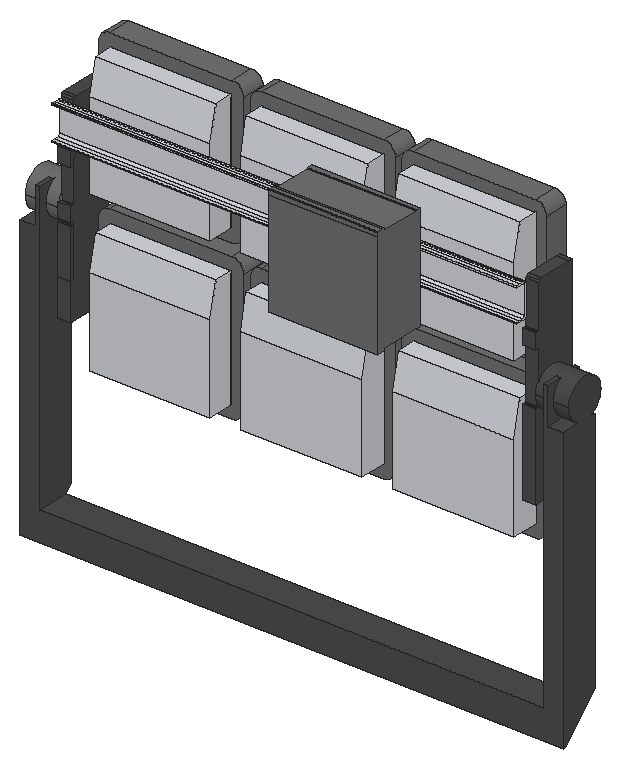
Revit family "Lighting-Proiezione-GEWISS-SMART[PRO]2.0-PROIETTORI-LED-ALTA-POTENZA_6MODULI_CLI", category Apparecchi per illuminazione, host Superficie, Revit 2019
Family settings
  Host = Superficie
  Quota connettore circolare = Usa diametro
  Tipo di parte = Normale
  Taglio con vuoti quando caricato = No
  Sorgente d'illuminazione = No
  Condiviso = No
  Punto di calcolo locali = No
Parameters (values of type "GWP2630AG840 - SMART PRO 3x2M C4 CRI80 4000K")
  Voltaggio = 230 V
  Viti esterne = "Acciaio inossidabile"
  Visibilità etichetta [instance] = yes
  Vetro acceso = Lampada accesa
  Versioni = "Luce naturale 4000K"
  Versione file RFA = "20.11"
  Vano di alimentazione = "Esterno"
  URL = "https://www.gewiss.com/it/it"
  Tolleranza cromatica = "SDCM = 3"
  Tipologia sorgente luminosa = "LED - Non sostituibile"
  Tipo di installazione e montaggio = "Torrefaro - Parete - Terra"
  Tipo di apparecchio = "Apparecchio per proiezione LED di media e alta potenza"
  Tensione di alimentazione = "-"
  Temperatura di stoccaggio = "-"
  Temperatura di esercizio = "-30 +50 °C"
  Temperatura di colore = "4000K"
  Superficie massima esposta al vento : = "0,333 m2"
  Struttura = GEWISS - NERO
  SostituibilitÃ  piastra di cablaggio = "Si"
  SostituibilitÃ  gruppo ottico = "Non disponibile"
  Sistema di controllo = "Secondo driver esterno"
  Schermo = "Vetro piano extrachiaro spessore 4mm"
  Scheda Tecnica = "https://www.gewiss.com/it/it/search?q=GWP2630AG840"
  SEO = "Proiettore"
  Resistenza al filo incandescente = "-"
  Resistenza agli urti = "IK08"
  Produttore = "GEWISS S.p.A."
  Potenza di sistema = "970W"
  Peso (kg): = "29"
  Ottica_ = GEWISS - OTTICA
  Ottica = "C4 - Circolare 15°"
  Norma di riferimento = "EN60598-1; EN60598-2-5; IEC 62778; IEC 62471; EN13201"
  N. poli = 2
  Modello = "GWP2630AG840"
  Materiali = "-"
  Lumen output (lm) = "114500"
  Lampada = "LED"
  Installazione e manutenzione = "-"
  Informazioni generali = "-"
  Indice di resa cromatica = "CRI-80"
  Inclinazione = "Rotazione su staffa con goniometro integrato"
  Immagine tipo = SMART PRO 6.jpg
  IPEA = "STRADALE = A // GRANDI AREE = A3+ // CICLOPEDONALI = A+ // AREE VERDI = A+ // CENTRO STORICO = A4+ // ALTRO = A4+"
  IFC.TypeObject = ""
  IFC.ExportType = ""
  IFC.ExportAs = ""
  IDT = "3f2d3c7146fd4f7e88ac85796f8f5998"
  IDF = "ca142cd2-51eb-418c-bf0d-97266ef6bece"
  Guarnizioni = "silicone antinvecchiamento"
  Gruppo ottico = "Riflettore in PC HT quarzato&nbsp; e metallizzato lucido"
  Grado di protezione = "IP66"
  Garanzia = "5 anni"
  Gancio di chiusura = "Viti metriche esagonali"
  Frequenza nominale (Hz) = "-"
  Fissaggio = "Staffa"
  Finitura colore = "Verniciato a polvere poliestere"
  Etichetta wattaggio = yes
  Trasformatore = GEWISS - PLAFONIERA
  Struttura plafoniera = GEWISS - PLAFONIERA
  Spessore staffa = 59 mm
  Default Elevation = 1219.2 mm  # constant formula
  Proiettsmart_simbolo [instance] = no
  Plafoniera_bidimensionale [instance] = not(Proiettsmart_simbolo)  # yes
  Efficienza luminosa (lm/W) = "118"
  Durata di vita = "L90B10 (Tq+25°C) = 36000h L90B10 (Tq+50°C) = 26000h L80B10 (Tq+25°C) = 81000h"
  Distanza_y [instance] = 200 mm
  Distanza_x [instance] = 0 mm
  Distanza_effettiva_y_etichetta [instance] = 1000 mm - Distanza_y  # 800 mm
  Distanza_effettiva_x_etichetta [instance] = 1000 mm - Distanza_x  # 1000 mm
  Dispositivo di protezione = "Secondo driver esterno"
  Descrizione = "SMART PRO 3x2M C4 CRI80 4000K"
  Creato da GEWISS S.p.A. = ""
  Corpo = "Alluminio pressofuso"
  Controllo abbagliamento e luminanza = "G*6 - ULOR = 0"
  Contesto = "Illuminazione di grandi aree, impianti sportivi"
  Commenti sul wattaggio = "1020W"
  Commenti Wattaggio 1_200 = not(Commenti Wattaggio 1_100)  # no
  Commenti Wattaggio 1_100 = yes
  Colore = "Grigio grafite"
  Codice digitale univoco (Datamatrix) = "Attualmente non presente"
  Classificazione: = "-"
  Classificazione = Lighting
  Larghezza = 503 mm
  L_plafoniera = 817 mm
  H_centro_STaffa = 459 mm
  Fine staffa = H_centro_STaffa + 25 mm  # 484 mm
  Classe isolamento = "I"
  Classe fotobiologica = "-"
  Certificazioni e classificazioni = "-"
  Certificazione DIN 18032-3 = "-"
  Catalogo = "LIGHTING"
  Carico apparente = 1020 VA
  Caratteristiche ottiche e illuminotecniche = "-"
  Caratteristiche elettriche e gestione della luce = "-"
  Cablaggio = "Connettore stagno"
  COBie.Tagnumber = ""
  COBie.CreatedOn = ""
  COBie.CreatebBy = ""
  COBie.ComponentRegisterItemID = ""
  COBie.Component.TagNumber = ""
  COBie.Component.Space = ""
  COBie.Component.SerialNumber = ""
  COBie.Component.InstallationDate = ""
  COBie.Component.Description = ""
  COBie.Component.BarCode = ""
  Applicazione = "Interno / Esterno"
  Apparecchio a ridotta temperatura superficiale = "No"
  Alimentatore = "Da ordinare separatamente"
Reference planes
  plane 1 "Centro (Fronte/Retro)": y = 0
  plane 2: z = 0
  plane 3 "Centro (Sinistra/Destra)": x = 0
  plane 4: z = 459
  plane 5: z = 484
  plane 6: y = 29.5
  plane 7: y = -29.5
  plane 8: x = 382
  plane 9: y = 251.5
  plane 10: y = -251.5
  plane 11: y = 244.5
  plane 12: x = -412
  plane 13: x = -382
  plane 14: x = 412
  plane 15: x = 382
  plane 16: z = 45
  plane 17: z = 428.975
  plane 18: x = -387.874
  plane 19: z = 309.079
  plane 20: z = 712.236
  plane 21: y = 49.924
  plane 22: y = -20.101
  plane 23: x = 342.659
  plane 24: x = 361.842
  plane 25: x = -342.659
  plane 26: x = -361.842
  plane 27: z = 365.525
  plane 28: x = 31.483
  plane 29: x = 196.416
  plane 30 "aa": z = 579.103
  plane 31: through (-552, -4572, 0) normal (-0.9455, 0, 0.3256)
  plane 32: through (-463.272, -4572, 772.236) normal (0.3907, 0, 0.9205)
  plane 33: through (278.314, -4572, -114.377) normal (-0.9455, 0, -0.3256)
  plane 34: x = -1000
  plane 35: y = -1029.5
  plane 36: x = 0
  plane 37: y = -229.5
Forms (mm)
  Extrusion 1, solid, material "GEWISS - NERO" <- "Struttura"
    sketch origin (0, 0, 0) x (1, 0, 0) y (0, 0, 1)
      loop
        line (-382, 45) -> (-382, 484) -> (-412, 484) -> (-412, 0) -> (412, 0) -> (412, 484) -> (382, 484) -> (382, 45) -> (-382, 45)
    from -29.5 to 29.5
  Extrusion 2, void
    sketch origin (0, 0, 0) x (1, 0, 0) y (0, 0, 1)
      loop
        line (-412, 428.975) -> (-387.874, 428.975) -> (-387.874, 484) -> (-412, 484) -> (-412, 428.975)
    from -29.5 to 29.5
  Extrusion 3, void
    sketch origin (0, 0, 0) x (-1, 0, 0) y (0, 0, -1)
      loop
        line (-412, -428.975) -> (-412, -484) -> (-387.874, -484) -> (-387.874, -428.975) -> (-412, -428.975)
    from -29.5 to 29.5
  Extrusion 4, void
    sketch origin (0, 0, 0) x (0, -1, 0) y (0, 0, -1)
      loop
        line (-29.5, -55.368) -> (26.874, 0) -> (-29.5, 0) -> (-29.5, -55.368)
    from -412 to 412
  Extrusion 5, solid, material "GEWISS - NERO" <- "Struttura"
    sketch origin (0, 0, 0) x (0, 1, 0) y (0, 0, 1)
      loop
        circle (10.781, 457.75) r 30
    from 361.842 to 412
  Extrusion 6, solid, material "GEWISS - NERO" <- "Struttura"
    sketch origin (0, 0, 0) x (0, 1, 0) y (0, 0, 1)
      loop
        line (-20.101, 309.504) -> (44.485, 309.504) -> (49.924, 309.504) -> (49.924, 519.155) -> (49.924, 612.236) -> (44.457, 612.236) -> (-9.215, 612.236) -> (-12.352, 610.662) -> (-13.897, 607.544) -> (-13.897, 542.201) -> (-15.419, 542.201) -> (-20.101, 542.201) -> (-20.101, 519.155) -> (-13.897, 519.155) -> (-13.897, 439.018) -> (-15.419, 439.018) -> (-20.101, 439.018) -> (-20.101, 309.504)
    from 342.659 to 361.842
  Extrusion 7, solid
    sketch origin (0, 0, 0) x (0, 1, 0) y (0, 0, 1)
      loop
        line (-19.603, 605.15) -> (-26.334, 605.15) -> (-31.777, 605.15) -> (-31.777, 602.82) -> (-26.334, 602.82) -> (-18.859, 602.82)
        arc (-18.859, 602.82) -> (-17.001, 602.051) -> (-16.231, 600.192) r 2.628
        line (-16.231, 600.192) -> (-16.231, 557.937)
        arc (-16.231, 557.937) -> (-17.218, 555.555) -> (-19.6, 554.568) r 3.368
        line (-19.6, 554.568) -> (-26.334, 554.568) -> (-31.777, 554.596) -> (-31.777, 553.023) -> (-26.334, 553.023) -> (-19.576, 553.023)
        arc (-19.576, 553.023) -> (-15.56, 554.686) -> (-13.897, 558.702) r 5.679
        line (-13.897, 558.702) -> (-13.897, 599.444)
        arc (-13.897, 599.444) -> (-15.568, 603.478) -> (-19.603, 605.15) r 5.706
    from -361.842 to 342.659
  Extrusion 8, solid, material "GEWISS - PLAFONIERA" <- "Struttura plafoniera"
    sketch origin (0, 0, 0) x (0, 1, 0) y (0, 0, -1)
      loop
        circle (10.781, -457.75) r 30
    from 361.842 to 412
  Extrusion 9, solid, material "GEWISS - NERO" <- "Struttura"
    sketch origin (0, 0, 0) x (0, 1, 0) y (0, 0, -1)
      loop
        line (-20.101, -309.504) -> (-20.101, -364.018) -> (-15.419, -364.018) -> (-13.897, -364.018) -> (-13.897, -444.155) -> (-20.101, -444.155) -> (-20.101, -467.201) -> (-15.419, -467.201) -> (-13.897, -467.201) -> (-13.897, -532.544) -> (-12.352, -535.662) -> (-9.215, -537.236) -> (44.457, -537.236) -> (49.924, -537.236) -> (49.924, -444.155) -> (49.924, -309.504) -> (44.485, -309.504) -> (-20.101, -309.504)
    from 342.659 to 361.842
  Extrusion 10, solid, not visible
    sketch origin (0, 0, -239.625) x (0, 1, 0) y (0, 0, 1)
      loop
        line (-19.603, 605.15) -> (-26.334, 605.15) -> (-31.777, 605.15) -> (-31.777, 602.82) -> (-26.334, 602.82) -> (-18.859, 602.82)
        arc (-18.859, 602.82) -> (-17.001, 602.051) -> (-16.231, 600.192) r 2.628
        line (-16.231, 600.192) -> (-16.231, 557.937)
        arc (-16.231, 557.937) -> (-17.218, 555.555) -> (-19.6, 554.568) r 3.368
        line (-19.6, 554.568) -> (-26.334, 554.568) -> (-31.777, 554.596) -> (-31.777, 553.023) -> (-26.334, 553.023) -> (-19.576, 553.023)
        arc (-19.576, 553.023) -> (-15.56, 554.686) -> (-13.897, 558.702) r 5.679
        line (-13.897, 558.702) -> (-13.897, 599.444)
        arc (-13.897, 599.444) -> (-15.568, 603.478) -> (-19.603, 605.15) r 5.706
    from -361.842 to 342.659
  Extrusion 11, solid, material "GEWISS - PLAFONIERA" <- "Trasformatore"
    sketch origin (0, 0, 0) x (0, 1, 0) y (0, 0, 1)
      loop
        line (-100.243, 661.174) -> (-100.243, 661.959) -> (-103.352, 661.959) -> (-110.368, 661.959) -> (-111.909, 661.174) -> (-111.909, 654.942) -> (-111.909, 495.458) -> (-100.243, 495.458) -> (-100.243, 497.003) -> (-99.477, 498.571) -> (-98.693, 499.332) -> (-38.765, 500.117) -> (-38.765, 498.571) -> (-31.777, 498.571) -> (-31.777, 551.454) -> (-32.561, 553.023) -> (-32.561, 605.934) -> (-31.777, 607.507) -> (-31.777, 659.634) -> (-38.765, 659.634) -> (-38.765, 658.056) -> (-98.693, 658.84) -> (-99.477, 659.634) -> (-100.243, 661.174)
    from 31.483 to 196.416
  Extrusion 12, solid, not visible
    sketch origin (0, 0, 0) x (0, 1, 0) y (0, 0, 1)
      loop
        line (-12.377, 860.2) -> (-12.377, 728.008) -> (28.098, 728.008) -> (28.098, 910.008) -> (-2.114, 910.008) -> (-12.377, 860.2)
    from -319.833 to -137.833
  Extrusion 13, solid
    sketch origin (0, 0, 0.351) x (0, 1, 0) y (0, 0, 1)
      loop
        line (-19.603, 605.15) -> (-26.334, 605.15) -> (-31.777, 605.15) -> (-31.777, 602.82) -> (-26.334, 602.82) -> (-18.859, 602.82)
        arc (-18.859, 602.82) -> (-17.001, 602.051) -> (-16.231, 600.192) r 2.628
        line (-16.231, 600.192) -> (-16.231, 557.937)
        arc (-16.231, 557.937) -> (-17.218, 555.555) -> (-19.6, 554.568) r 3.368
        line (-19.6, 554.568) -> (-26.334, 554.568) -> (-31.777, 554.596) -> (-31.777, 553.023) -> (-26.334, 553.023) -> (-19.576, 553.023)
        arc (-19.576, 553.023) -> (-15.56, 554.686) -> (-13.897, 558.702) r 5.679
        line (-13.897, 558.702) -> (-13.897, 599.444)
        arc (-13.897, 599.444) -> (-15.568, 603.478) -> (-19.603, 605.15) r 5.706
    from -361.842 to 342.659
  Extrusion 14, solid
    sketch origin (0, 0, -239.649) x (0, 1, 0) y (0, 0, 1)
      loop
        line (-12.377, 860.2) -> (-12.377, 728.008) -> (28.098, 728.008) -> (28.098, 910.008) -> (-2.114, 910.008) -> (-12.377, 860.2)
    from -319.833 to -137.833
  Extrusion 15, solid
    sketch origin (0, 0, -239.649) x (0, 1, 0) y (0, 0, 1)
      loop
        line (-12.377, 860.2) -> (-12.377, 728.008) -> (28.098, 728.008) -> (28.098, 910.008) -> (-2.114, 910.008) -> (-12.377, 860.2)
    from -319.833 to -137.833
  Extrusion 16, solid
    sketch origin (0, 0, -239.649) x (0, 1, 0) y (0, 0, 1)
      loop
        line (-12.377, 860.2) -> (-12.377, 728.008) -> (28.098, 728.008) -> (28.098, 910.008) -> (-2.114, 910.008) -> (-12.377, 860.2)
    from -91.406 to 92.998
  Extrusion 17, solid
    sketch origin (0, 0, -239.649) x (0, 1, 0) y (0, 0, 1)
      loop
        line (-12.377, 860.2) -> (-12.377, 728.008) -> (28.098, 728.008) -> (28.098, 911.885) -> (-1.728, 911.885) -> (-12.377, 860.2)
    from 139.682 to 323.278
  Extrusion 18, solid, not visible
    sketch origin (0, 0, 0) x (0, 1, 0) y (0, 0, 1)
      loop
        line (-12.377, 860.2) -> (-12.377, 728.008) -> (28.098, 728.008) -> (28.098, 910.008) -> (-2.114, 910.008) -> (-12.377, 860.2)
    from -319.833 to -137.833
  Extrusion 19, solid, not visible
    sketch origin (0, 0, 0) x (0, 1, 0) y (0, 0, 1)
      loop
        line (-12.377, 860.2) -> (-12.377, 728.008) -> (28.098, 728.008) -> (28.098, 910.008) -> (-2.114, 910.008) -> (-12.377, 860.2)
    from -319.833 to -137.833
  Extrusion 20, solid, not visible
    sketch origin (0, 0, 0) x (0, 1, 0) y (0, 0, 1)
      loop
        line (-12.377, 860.2) -> (-12.377, 728.008) -> (28.098, 728.008) -> (28.098, 910.008) -> (-2.114, 910.008) -> (-12.377, 860.2)
    from -91.406 to 92.998
  Extrusion 21, solid, not visible
    sketch origin (0, 0, 0) x (0, 1, 0) y (0, 0, 1)
      loop
        line (-12.377, 860.2) -> (-12.377, 728.008) -> (28.098, 728.008) -> (28.098, 911.885) -> (-1.728, 911.885) -> (-12.377, 860.2)
    from 139.682 to 323.278
  Extrusion 22, solid
    sketch origin (0, 0, -479.294) x (0, 1, 0) y (0, 0, 1)
      loop
        line (-12.377, 860.2) -> (-12.377, 728.008) -> (28.098, 728.008) -> (28.098, 910.008) -> (-2.114, 910.008) -> (-12.377, 860.2)
    from -319.833 to -137.833
  Extrusion 23, solid
    sketch origin (0, 0, -479.294) x (0, 1, 0) y (0, 0, 1)
      loop
        line (-12.377, 860.2) -> (-12.377, 728.008) -> (28.098, 728.008) -> (28.098, 910.008) -> (-2.114, 910.008) -> (-12.377, 860.2)
    from -319.833 to -137.833
  Extrusion 24, solid
    sketch origin (0, 0, -479.294) x (0, 1, 0) y (0, 0, 1)
      loop
        line (-12.377, 860.2) -> (-12.377, 728.008) -> (28.098, 728.008) -> (28.098, 910.008) -> (-2.114, 910.008) -> (-12.377, 860.2)
    from -91.406 to 92.998
  Extrusion 25, solid
    sketch origin (0, 0, -479.294) x (0, 1, 0) y (0, 0, 1)
      loop
        line (-12.377, 860.2) -> (-12.377, 728.008) -> (28.098, 728.008) -> (28.098, 911.885) -> (-1.728, 911.885) -> (-12.377, 860.2)
    from 139.682 to 323.278
  Extrusion 26, solid, material "GEWISS - NERO" <- "Struttura"
    sketch origin (0, 0, 0) x (0, 1, 0) y (0, 0, -1)
      loop
        line (-20.101, -309.504) -> (-20.101, -439.018) -> (-15.419, -439.018) -> (-13.897, -439.018) -> (-13.897, -519.155) -> (-20.101, -519.155) -> (-20.101, -542.201) -> (-15.419, -542.201) -> (-13.897, -542.201) -> (-13.897, -607.544) -> (-12.352, -610.662) -> (-9.215, -612.236) -> (44.457, -612.236) -> (49.924, -612.236) -> (49.924, -519.155) -> (49.924, -309.504) -> (44.485, -309.504) -> (-20.101, -309.504)
    from 342.659 to 361.842
Cuts and joins
  Extrusion 2, Extrusion 3, Extrusion 4 cuts Extrusion 1
  joined: Extrusion 1, Extrusion 5
Lines and regions (mm)
  Masking region 1, visible <- "Plafoniera_bidimensionale"
    outline origin (0, 0, 0) x (1, 0, 0) y (0, 1, 0)
      loop
        line (-413.833, -26.874) -> (412, -26.874) -> (412, 28.098) -> (342.659, 28.098) -> (342.659, 64.098) -> (120.996, 64.098) -> (120.996, 28.098) -> (111.466, 28.098) -> (111.466, 64.098) -> (-108.534, 64.098) -> (-108.534, 29.098) -> (-118.534, 29.098) -> (-118.534, 64.098) -> (-338.833, 64.098) -> (-338.833, 28.098) -> (-413.833, 28.098) -> (-413.833, -26.874)
  Masking region 2, visible <- "Proiettsmart_simbolo"
    outline origin (0, 0, 0) x (1, 0, 0) y (0, 0, 1)
      loop
        line (-174.151, 45) -> (-174.151, 0) -> (214.342, 0) -> (214.342, 45) -> (-174.151, 45)
  Masking region 3, visible <- "Proiettsmart_simbolo"
    outline origin (0, 0, 0) x (0, 1, 0) y (0, 0, 1)
      loop
        line (-175.348, 45) -> (-175.348, 0) -> (214.524, 0) -> (214.524, 45) -> (-175.348, 45)
Dimensions and locks
  "H_centro_STaffa": plane 4 to plane 2
  "Fine staffa": plane 5 to plane 2
  equal spacing: plane 6, plane 1 "Centro (Fronte/Retro)", plane 7
  "Spessore staffa": plane 6 to plane 7
  equal spacing: plane 9, plane 1 "Centro (Fronte/Retro)", plane 10
  "Larghezza": plane 9 to plane 10
  locked: plane 9 to plane 11 at 7
  locked: plane 13 to plane 12 at 30
  locked: plane 15 to plane 14 at 30
  locked: plane 16 to host face at 45
  locked: plane 12 to plane 18 at 24.126
  locked: plane 4 to plane 17 at 30.025
  host face to plane 19 = 309.079 mm
  locked: plane 21 to plane 6 at 20.424
  locked: plane 22 to plane 7 at 9.399
  locked: plane 24 to plane 15 at 20.158
  locked: plane 24 to plane 23 at 19.183
  locked: plane 26 to plane 25 at 19.183
  plane 4 to Extrusion 7 = 146.15 mm
  locked: Extrusion 9 to Extrusion 9 at 19.183
  plane 34 to plane 3 "Centro (Sinistra/Destra)" = 1000 mm
  "Distanza_effettiva_x_etichetta": plane 34 to plane 36
  plane 7 to plane 35 = 1000 mm
  "Distanza_effettiva_y_etichetta": plane 37 to plane 35
  angle plane 20 to plane 31 = 71.00°
  angle plane 33 to plane 31 = 142.00°
  angle plane 31 to plane 33 = 38.00°
  angle plane 16 to plane 28 = 90.00°
  angle plane 23 to plane 19 = 90.00°
  angle plane 33 to plane 32 = 48.00°
  angle plane 31 to plane 13 = 19.00°
  aligned and locked: plane 2 to host face
  aligned and locked: level to host face
  aligned and locked: plane 5 to Extrusion 1  (x2)
  aligned and locked: Extrusion 1 to plane 2
  aligned and locked: plane 6 to Extrusion 1
  aligned and locked: Extrusion 1 to plane 7
  aligned and locked: Extrusion 1 sketch curve to plane 13
  aligned and locked: Extrusion 1 sketch curve to plane 12
  aligned and locked: plane 14 to Extrusion 1 sketch curve
  aligned and locked: Extrusion 1 sketch curve to plane 15
  aligned and locked: plane 16 to Extrusion 1 sketch curve
  aligned and locked: Extrusion 2 sketch curve to plane 12
  aligned and locked: Extrusion 2 sketch curve to plane 5
  aligned and locked: Extrusion 2 sketch curve to plane 17
  aligned and locked: Extrusion 2 sketch curve to plane 18
  aligned and locked: Extrusion 1 to Extrusion 2
  aligned and locked: Extrusion 2 to Extrusion 1
  aligned and locked: Extrusion 3 to Extrusion 1
  aligned and locked: Extrusion 1 to Extrusion 3
  aligned and locked: Extrusion 5 to plane 14
  aligned and locked: Extrusion 6 to cut or joined group of Extrusion 1, Extrusion 2, Extrusion 3, Extrusion 4, Extrusion 5
  aligned and locked: cut or joined group of Extrusion 1, Extrusion 2, Extrusion 3, Extrusion 4, Extrusion 5 to plane 24
  aligned and locked: plane 24 to Extrusion 6
  aligned and locked: Extrusion 7 to Extrusion 6
  aligned and locked: Extrusion 8 to plane 26
  aligned and locked: plane 26 to Extrusion 9
  aligned and locked: Extrusion 9 to plane 25
  aligned and locked: plane 23 to Extrusion 7
  aligned and locked: plane 28 to Extrusion 11
  aligned and locked: Extrusion 11 to plane 29
  aligned and locked: nested 3 to Extrusion 14
  aligned and locked: nested 9 to Extrusion 22
  aligned and locked: plane 36 to nested 1
  aligned and locked: nested 1 to plane 37
  aligned and locked: plane 36 to nested 12
  aligned and locked: nested 12 to level
  aligned and locked: nested 13 to plane 28
  aligned and locked: nested 13 to plane 7
  aligned and locked: plane 36 to nested 14
  aligned and locked: plane 19 to nested 14
  aligned and locked: plane 16 to Masking region 2 sketch curve
  aligned and locked: level to Masking region 2 sketch curve
  aligned and locked: nested 15 to Extrusion 11
  aligned and locked: host face to nested 15
  aligned and locked: nested 16 to plane 1 "Centro (Fronte/Retro)"
  aligned and locked: plane 19 to nested 16
  aligned and locked: plane 16 to Masking region 3 sketch curve
  aligned and locked: level to Masking region 3 sketch curve
Automatic sketch dimensions
  Extrusion 10 sketch curve to Extrusion 10 sketch curve = 0 mm  (x3)
  Extrusion 10 sketch curve to Extrusion 10 sketch curve = 2.628 mm
  Extrusion 10 sketch curve to Extrusion 10 sketch curve = 2.334 mm
  Extrusion 10 sketch curve to Extrusion 10 sketch curve = 40.742 mm
  Extrusion 10 sketch curve to Extrusion 10 sketch curve = 0.749 mm
  Extrusion 10 sketch curve to Extrusion 10 sketch curve = 5.443 mm  (x2)
  Extrusion 10 sketch curve to Extrusion 10 sketch curve = 6.73 mm
  Extrusion 10 sketch curve to Extrusion 10 sketch curve = 6.734 mm
  Extrusion 10 sketch curve to Extrusion 10 sketch curve = 0.024 mm
  Extrusion 10 sketch curve to Extrusion 10 sketch curve = 0.744 mm
  Extrusion 10 sketch curve to Extrusion 10 sketch curve = 1.545 mm
  Extrusion 10 sketch curve to Extrusion 10 sketch curve = 1.573 mm
  Extrusion 12 sketch curve to Extrusion 12 sketch curve = 10.262 mm
  Extrusion 12 sketch curve to Extrusion 12 sketch curve = 40.475 mm
  Extrusion 12 sketch curve to Extrusion 12 sketch curve = 132.192 mm
  Extrusion 12 sketch curve to Extrusion 12 sketch curve = 49.808 mm
  Extrusion 18 sketch curve to Extrusion 18 sketch curve = 49.808 mm
  Extrusion 19 sketch curve to Extrusion 19 sketch curve = 49.808 mm
  Extrusion 20 sketch curve to Extrusion 20 sketch curve = 49.808 mm
  Extrusion 21 sketch curve to Extrusion 21 sketch curve = 51.684 mm
  Extrusion 18 sketch curve to Extrusion 18 sketch curve = 10.262 mm
  Extrusion 18 sketch curve to Extrusion 18 sketch curve = 40.475 mm
  Extrusion 18 sketch curve to Extrusion 18 sketch curve = 132.192 mm
  Extrusion 19 sketch curve to Extrusion 19 sketch curve = 10.262 mm
  Extrusion 19 sketch curve to Extrusion 19 sketch curve = 40.475 mm
  Extrusion 19 sketch curve to Extrusion 19 sketch curve = 132.192 mm
  Extrusion 20 sketch curve to Extrusion 20 sketch curve = 10.262 mm
  Extrusion 20 sketch curve to Extrusion 20 sketch curve = 40.475 mm
  Extrusion 20 sketch curve to Extrusion 20 sketch curve = 132.192 mm
  Extrusion 21 sketch curve to Extrusion 21 sketch curve = 10.649 mm
  Extrusion 21 sketch curve to Extrusion 21 sketch curve = 40.475 mm
  Extrusion 21 sketch curve to Extrusion 21 sketch curve = 132.192 mm
  Extrusion 22 sketch curve to Extrusion 22 sketch curve = 49.808 mm
  Extrusion 23 sketch curve to Extrusion 23 sketch curve = 49.808 mm
  Extrusion 24 sketch curve to Extrusion 24 sketch curve = 49.808 mm
  Extrusion 25 sketch curve to Extrusion 25 sketch curve = 51.684 mm
  Extrusion 22 sketch curve to Extrusion 22 sketch curve = 10.262 mm
  Extrusion 22 sketch curve to Extrusion 22 sketch curve = 40.475 mm
  Extrusion 22 sketch curve to Extrusion 22 sketch curve = 132.192 mm
  Extrusion 23 sketch curve to Extrusion 23 sketch curve = 10.262 mm
  Extrusion 23 sketch curve to Extrusion 23 sketch curve = 40.475 mm
  Extrusion 23 sketch curve to Extrusion 23 sketch curve = 132.192 mm
  Extrusion 24 sketch curve to Extrusion 24 sketch curve = 10.262 mm
  Extrusion 24 sketch curve to Extrusion 24 sketch curve = 40.475 mm
  Extrusion 24 sketch curve to Extrusion 24 sketch curve = 132.192 mm
  Extrusion 25 sketch curve to Extrusion 25 sketch curve = 10.649 mm
  Extrusion 25 sketch curve to Extrusion 25 sketch curve = 40.475 mm
  Extrusion 25 sketch curve to Extrusion 25 sketch curve = 132.192 mm
  host sketch curve to host sketch curve = 2438.4 mm  (x2)
  Extrusion 1 sketch curve to level = 0 mm
  Extrusion 1 sketch curve to plane 5 = 0 mm  (x2)
  Extrusion 3 sketch curve to plane 5 = 0 mm
  plane 14 to Extrusion 3 sketch curve = 0 mm
  Extrusion 3 sketch curve to plane 17 = 0 mm
  Extrusion 3 sketch curve to plane 8 = 5.874 mm
  Extrusion 4 sketch curve to level = 0 mm
  Extrusion 4 sketch curve to plane 6 = 0 mm
  Extrusion 4 sketch curve to plane 7 = 2.626 mm
  plane 16 to Extrusion 4 sketch curve = 10.368 mm
  Extrusion 5 sketch curve to plane 4 = 1.25 mm
  Extrusion 5 sketch curve to plane 1 "Centro (Fronte/Retro)" = 10.781 mm
  Extrusion 6 sketch curve to plane 22 = 0 mm  (x2)
  Extrusion 6 sketch curve to plane 21 = 0 mm
  Extrusion 6 sketch curve to plane 22 = 4.682 mm
  Extrusion 6 sketch curve to Extrusion 6 sketch curve = 4.682 mm
  Extrusion 6 sketch curve to Extrusion 6 sketch curve = 1.522 mm  (x2)
  Extrusion 6 sketch curve to Extrusion 6 sketch curve = 1.545 mm
  Extrusion 6 sketch curve to Extrusion 6 sketch curve = 3.137 mm
  plane 21 to Extrusion 6 sketch curve = 5.467 mm
  Extrusion 6 sketch curve to plane 19 = 0.424 mm
  plane 21 to Extrusion 6 sketch curve = 5.439 mm
  Extrusion 6 sketch curve to plane 17 = 10.043 mm
  plane 5 to Extrusion 6 sketch curve = 35.155 mm  (x2)
  Extrusion 6 sketch curve to Extrusion 6 sketch curve = 23.046 mm
  Extrusion 6 sketch curve to plane 30 "aa" = 28.441 mm
  Extrusion 6 sketch curve to Extrusion 6 sketch curve = 3.118 mm
  Extrusion 6 sketch curve to plane 30 "aa" = 33.133 mm
  Extrusion 7 sketch curve to plane 7 = 2.277 mm  (x2)
  plane 7 to Extrusion 7 sketch curve = 3.166 mm  (x2)
  Extrusion 7 sketch curve to Extrusion 7 sketch curve = 0 mm  (x2)
  Extrusion 7 sketch curve to plane 22 = 0.498 mm
  Extrusion 7 sketch curve to plane 22 = 0.502 mm
  Extrusion 7 sketch curve to plane 22 = 0.526 mm
  Extrusion 7 sketch curve to plane 22 = 1.242 mm
  Extrusion 7 sketch curve to Extrusion 7 sketch curve = 2.628 mm
  Extrusion 7 sketch curve to Extrusion 7 sketch curve = 2.334 mm
  plane 30 "aa" to Extrusion 7 sketch curve = 26.08 mm
  Extrusion 7 sketch curve to Extrusion 7 sketch curve = 1.545 mm
  Extrusion 7 sketch curve to Extrusion 7 sketch curve = 1.573 mm
  Extrusion 7 sketch curve to plane 30 "aa" = 20.341 mm
  Extrusion 7 sketch curve to Extrusion 7 sketch curve = 0.749 mm
  Extrusion 8 sketch curve to plane 4 = 1.25 mm
  Extrusion 8 sketch curve to plane 1 "Centro (Fronte/Retro)" = 10.781 mm
  Extrusion 9 sketch curve to plane 22 = 0 mm  (x2)
  Extrusion 9 sketch curve to plane 21 = 0 mm
  Extrusion 9 sketch curve to plane 22 = 4.682 mm
  Extrusion 9 sketch curve to plane 27 = 1.507 mm
  Extrusion 9 sketch curve to Extrusion 9 sketch curve = 4.682 mm
  Extrusion 9 sketch curve to Extrusion 9 sketch curve = 1.522 mm  (x2)
  Extrusion 9 sketch curve to Extrusion 9 sketch curve = 1.545 mm
  Extrusion 9 sketch curve to Extrusion 9 sketch curve = 3.137 mm
  plane 21 to Extrusion 9 sketch curve = 5.467 mm
  Extrusion 9 sketch curve to plane 19 = 0.424 mm
  plane 21 to Extrusion 9 sketch curve = 5.439 mm
  Extrusion 9 sketch curve to plane 4 = 14.845 mm  (x2)
  plane 4 to Extrusion 9 sketch curve = 8.201 mm
  plane 30 "aa" to Extrusion 9 sketch curve = 46.559 mm
  Extrusion 9 sketch curve to Extrusion 9 sketch curve = 3.118 mm
  Extrusion 9 sketch curve to Extrusion 9 sketch curve = 1.573 mm
  plane 5 to Extrusion 11 sketch curve = 11.458 mm
  Extrusion 11 sketch curve to plane 7 = 82.409 mm
  Extrusion 11 sketch curve to Extrusion 11 sketch curve = 1.541 mm  (x2)
  Extrusion 11 sketch curve to Extrusion 11 sketch curve = 7.017 mm
  Extrusion 11 sketch curve to Extrusion 11 sketch curve = 3.109 mm
  Extrusion 11 sketch curve to Extrusion 11 sketch curve = 11.666 mm
  Extrusion 11 sketch curve to Extrusion 11 sketch curve = 0.766 mm  (x2)
  plane 5 to Extrusion 11 sketch curve = 14.571 mm  (x2)
  plane 5 to Extrusion 11 sketch curve = 15.332 mm
  Extrusion 11 sketch curve to Extrusion 11 sketch curve = 0.784 mm  (x4)
  Extrusion 11 sketch curve to plane 7 = 9.265 mm  (x2)
  Extrusion 11 sketch curve to plane 7 = 3.061 mm
  Extrusion 11 sketch curve to plane 7 = 2.277 mm
  Extrusion 11 sketch curve to Extrusion 11 sketch curve = 1.545 mm  (x2)
  plane 30 "aa" to Extrusion 11 sketch curve = 27.648 mm
  Extrusion 11 sketch curve to Extrusion 11 sketch curve = 1.569 mm
  Extrusion 11 sketch curve to plane 30 "aa" = 26.831 mm
  Extrusion 11 sketch curve to Extrusion 11 sketch curve = 1.573 mm
  Extrusion 11 sketch curve to plane 20 = 57.293 mm
  Extrusion 11 sketch curve to Extrusion 11 sketch curve = 50.549 mm
  Extrusion 11 sketch curve to Extrusion 11 sketch curve = 3.898 mm
  Extrusion 11 sketch curve to Extrusion 11 sketch curve = 1.578 mm
  Extrusion 11 sketch curve to Extrusion 11 sketch curve = 0.794 mm
  Extrusion 11 sketch curve to Extrusion 11 sketch curve = 6.232 mm
  Extrusion 13 sketch curve to plane 7 = 2.277 mm  (x2)
  plane 7 to Extrusion 13 sketch curve = 3.166 mm  (x2)
  Extrusion 13 sketch curve to Extrusion 13 sketch curve = 0 mm  (x2)
  Extrusion 13 sketch curve to plane 22 = 0.498 mm
  Extrusion 13 sketch curve to plane 22 = 0.502 mm
  Extrusion 13 sketch curve to plane 22 = 0.526 mm
  Extrusion 13 sketch curve to plane 22 = 1.242 mm
  Extrusion 13 sketch curve to Extrusion 13 sketch curve = 2.628 mm
  Extrusion 13 sketch curve to Extrusion 13 sketch curve = 2.334 mm
  plane 30 "aa" to Extrusion 13 sketch curve = 25.729 mm
  Extrusion 13 sketch curve to Extrusion 13 sketch curve = 1.545 mm
  Extrusion 13 sketch curve to Extrusion 13 sketch curve = 1.573 mm
  Extrusion 13 sketch curve to plane 30 "aa" = 20.692 mm
  Extrusion 13 sketch curve to Extrusion 13 sketch curve = 0.749 mm
  Extrusion 14 sketch curve to plane 22 = 7.725 mm
  plane 1 "Centro (Fronte/Retro)" to Extrusion 14 sketch curve = 2.114 mm
  Extrusion 14 sketch curve to plane 6 = 1.402 mm
  plane 5 to Extrusion 14 sketch curve = 4.359 mm
  Extrusion 14 sketch curve to plane 30 "aa" = 41.449 mm
  Extrusion 14 sketch curve to plane 20 = 41.877 mm
  Extrusion 15 sketch curve to plane 22 = 7.725 mm
  plane 1 "Centro (Fronte/Retro)" to Extrusion 15 sketch curve = 2.114 mm
  Extrusion 15 sketch curve to plane 6 = 1.402 mm
  plane 5 to Extrusion 15 sketch curve = 4.359 mm
  Extrusion 15 sketch curve to plane 30 "aa" = 41.449 mm
  Extrusion 15 sketch curve to plane 20 = 41.877 mm
  Extrusion 16 sketch curve to plane 22 = 7.725 mm
  plane 1 "Centro (Fronte/Retro)" to Extrusion 16 sketch curve = 2.114 mm
  Extrusion 16 sketch curve to plane 6 = 1.402 mm
  plane 5 to Extrusion 16 sketch curve = 4.359 mm
  Extrusion 16 sketch curve to plane 30 "aa" = 41.449 mm
  Extrusion 16 sketch curve to plane 20 = 41.877 mm
  Extrusion 17 sketch curve to plane 22 = 7.725 mm
  plane 1 "Centro (Fronte/Retro)" to Extrusion 17 sketch curve = 1.728 mm
  Extrusion 17 sketch curve to plane 6 = 1.402 mm
  plane 5 to Extrusion 17 sketch curve = 4.359 mm
  Extrusion 17 sketch curve to plane 30 "aa" = 41.449 mm
  Extrusion 17 sketch curve to plane 20 = 40 mm
  Extrusion 26 sketch curve to plane 22 = 0 mm  (x2)
  Extrusion 26 sketch curve to plane 21 = 0 mm
  Extrusion 26 sketch curve to plane 22 = 4.682 mm
  Extrusion 26 sketch curve to Extrusion 26 sketch curve = 4.682 mm
  Extrusion 26 sketch curve to Extrusion 26 sketch curve = 1.522 mm  (x2)
  Extrusion 26 sketch curve to Extrusion 26 sketch curve = 1.545 mm
  Extrusion 26 sketch curve to Extrusion 26 sketch curve = 3.137 mm
  plane 21 to Extrusion 26 sketch curve = 5.467 mm
  Extrusion 26 sketch curve to plane 19 = 0.424 mm
  plane 21 to Extrusion 26 sketch curve = 5.439 mm
  Extrusion 26 sketch curve to plane 17 = 10.043 mm
  plane 5 to Extrusion 26 sketch curve = 35.155 mm  (x2)
  Extrusion 26 sketch curve to Extrusion 26 sketch curve = 23.046 mm
  Extrusion 26 sketch curve to plane 30 "aa" = 28.441 mm
  Extrusion 26 sketch curve to Extrusion 26 sketch curve = 3.118 mm
  Extrusion 26 sketch curve to Extrusion 26 sketch curve = 1.573 mm
  Masking region 1 sketch curve to plane 23 = 0 mm
  Masking region 1 sketch curve to plane 14 = 0 mm
  Masking region 1 sketch curve to plane 6 = 1.402 mm  (x3)
  plane 29 to Masking region 1 sketch curve = 75.419 mm
  Masking region 1 sketch curve to Masking region 1 sketch curve = 9.53 mm
  Masking region 1 sketch curve to plane 6 = 0.402 mm
  Masking region 1 sketch curve to plane 3 "Centro (Sinistra/Destra)" = 108.534 mm
  Masking region 1 sketch curve to Masking region 1 sketch curve = 10 mm
  Masking region 1 sketch curve to plane 25 = 3.826 mm
  plane 12 to Masking region 1 sketch curve = 1.833 mm
  plane 7 to Masking region 1 sketch curve = 2.626 mm
  Masking region 1 sketch curve to plane 21 = 14.174 mm
  Masking region 1 sketch curve to Masking region 1 sketch curve = 0 mm  (x2)
  Masking region 2 sketch curve to plane 25 = 168.508 mm
  Masking region 2 sketch curve to plane 29 = 17.926 mm
  plane 37 to Masking region 3 sketch curve = 54.152 mm
  Masking region 3 sketch curve to plane 11 = 29.976 mm
  radius of Extrusion 5 sketch curve = 30 mm
  radius of Extrusion 8 sketch curve = 30 mm
Nested families
  nested 1: "ETICHETTA WATTAGGIO" at (0, -229.5, 0), visible <- "Visibilità etichetta", COMMENTI <- "Commenti sul wattaggio", type "ETICHETTA WATTAGGIO"
    with COMMENTI "1020W"
  nested 2: "Faro per smart pro" at (-228.833, 64.098, 819.008) x (0, 0, 1) z (0, 1, 0), type "4L", not visible
  nested 3: "Faro per smart pro" at (-228.833, 64.098, 579.359) x (0, 0, 1) z (0, 1, 0), type "4L"
  nested 4: "Faro per smart pro" at (1.466, 64.098, 579.359) x (0, 0, 1) z (0, 1, 0), type "4L"
  nested 5: "Faro per smart pro" at (230.996, 64.098, 579.359) x (0, 0, 1) z (0, 1, 0), type "4L"
  nested 6: "Faro per smart pro" at (-228.833, 64.098, 819.008) x (0, 0, 1) z (0, 1, 0), type "4L", not visible
  nested 7: "Faro per smart pro" at (1.466, 64.098, 819.008) x (0, 0, 1) z (0, 1, 0), type "4L", not visible
  nested 8: "Faro per smart pro" at (230.996, 64.098, 819.008) x (0, 0, 1) z (0, 1, 0), type "4L", not visible
  nested 9: "Faro per smart pro" at (-228.833, 64.098, 339.714) x (0, 0, 1) z (0, 1, 0), type "4L"
  nested 10: "Faro per smart pro" at (1.466, 64.098, 339.714) x (0, 0, 1) z (0, 1, 0), type "4L"
  nested 11: "Faro per smart pro" at (230.996, 64.098, 339.714) x (0, 0, 1) z (0, 1, 0), type "4L"
  nested 12: "Frontale6 2D" at (0, 0, 0) x (1, 0, 0) z (0, -1, 0), visible <- "Plafoniera_bidimensionale", type "Frontale6 2D"
  nested 13: "SIMBOLO SMART[PRO]6" at (31.483, -29.5, 0), visible <- "Proiettsmart_simbolo", type "SIMBOLO SMART[PRO]6"
  nested 14: "SIMBOLO SMART[PRO]6" at (0, 0, 59.171) x (1, 0, 0) z (0, -1, 0), visible <- "Proiettsmart_simbolo", type "SIMBOLO SMART[PRO]6"
  nested 15: "Laterale6 2D" at (0, 9.561, 0) x (0, -1, 0) z (1, 0, 0), visible <- "Plafoniera_bidimensionale", type "Laterale6 2D"
  nested 16: "SIMBOLO SMART[PRO]6" at (0, 0, 59.171) x (0, 1, 0) z (1, 0, 0), visible <- "Proiettsmart_simbolo", type "SIMBOLO SMART[PRO]6"
Connectors
  electrical at (113.949, -111.909, 575.2), driven by "N. poli", driven by "Voltaggio", driven by "Carico apparente"
    settings: on Extrusion 11, index 1, voltage 230 V, apparent load 0 VA, apparent load phase1 1020 VA, apparent load phase2 0 VA, apparent load phase3 0 VA, power factor 1, load classification "Lighting", number of poles 2, system type 31, power factor state 1, is connector primary yes, connector utility no, sub classification motor no, connector description ""
Definition of nested family "Faro per smart pro"
  Parameters (values of type "4L")
    vETRINO = none
    ottica = none
    Spessore_mascherina = 36 mm
    Default Elevation = 1219.2 mm
    N.intarsi = (Lunghezza_mascherina - (Bordo * 2)) / 15 mm  # 12
    N._intarsi verticale = (Larghezza_mascherina - (Bordo * 2)) / 17 mm  # 11
    Mascherina = none
    Lunghezza_mascherina = 220 mm
    Larghezza_mascherina = 220 mm
    Distanza_intarsi v. = 25 mm  # constant formula
    Distanza_intarsi = 25 mm  # constant formula
    Bordo = 19 mm
  Types (2, lengths in mm): name | Spessore_mascherina | N._intarsi verticale | Lunghezza_mascherina | Larghezza_mascherina | Bordo
    Maschera_smart  2L | 10 | 5 | 243 | 149 | 29
    4L | 36 | 11 | 220 | 220 | 19
  Reference planes
    plane 1 "Centro (Fronte/Retro)": y = 0
    plane 2: z = 0
    plane 3 "Centro (Sinistra/Destra)": x = 0
    plane 4: x = -110
    plane 5 "Dietro": y = 110
    plane 6: x = 110
    plane 7: y = -110
    plane 8: x = -91
    plane 9: y = -91
    plane 10: x = 91
    plane 11: y = 91
    plane 12: x = -85
    plane 13: y = 94.742
    plane 14: y = -95
    plane 15: z = -36
    plane 16: x = -95
    plane 17: y = 85
    plane 18: y = -85
    plane 19: x = 95
    plane 20: z = -4.799
    plane 21: y = 86
    plane 22: x = -86
    plane 23: x = 86
    plane 24: x = -32.9
    plane 25: x = -27.9
    plane 26: x = 27.7
    plane 27: x = 32.7
    plane 28: y = 32.9
    plane 29: y = 27.9
    plane 30: y = -27.7
    plane 31: y = -32.7
    plane 32: y = 71
    plane 33: x = -71
    plane 34: x = -47.9
    plane 35: y = 47.9
    plane 36: x = -12.9
    plane 37: x = 12.7
    plane 38: x = 47.7
    plane 39: x = 71
    plane 40: z = -19.107
    plane 41: y = 10.4
    plane 42: y = -12.7
    plane 43: y = -86
    plane 44: y = -71
    plane 45: y = -47.7
  Forms (mm)
    Extrusion 1, solid, material <- "Mascherina"
      sketch origin (0, 0, 0) x (1, 0, 0) y (0, 1, 0)
        loop
          arc (-92.5, 110) -> (-104.874, 104.874) -> (-110, 92.5) r 17.5
          line (-110, 92.5) -> (-110, -92.5)
          arc (-110, -92.5) -> (-104.874, -104.874) -> (-92.5, -110) r 17.5
          line (-92.5, -110) -> (92.5, -110)
          arc (92.5, -110) -> (104.874, -104.874) -> (110, -92.5) r 17.5
          line (110, -92.5) -> (110, 92.5)
          arc (110, 92.5) -> (104.874, 104.874) -> (92.5, 110) r 17.5
          line (92.5, 110) -> (-92.5, 110)
        loop
          line (-91, 91) -> (-91, -91) -> (91, -91) -> (91, 91) -> (-91, 91)
      from -36 to 0
    Extrusion 2, solid, material <- "ottica"
      sketch origin (0, 0, 0) x (1, 0, 0) y (0, 1, 0)
        loop
          line (-91, 91) -> (-91, -91) -> (91, -91) -> (91, 91) -> (-91, 91)
      from -36 to 0
  Lines and regions (mm)
    model lines
      curve 1: line (-86, 86, 0) -> (-32.9, 86, 0)
      curve 2: line (-32.9, 86, 0) -> (-32.9, 32.9, 0)
      curve 3: line (-32.9, 32.9, 0) -> (-86, 32.9, 0)
      curve 4: line (-86, 32.9, 0) -> (-86, 86, 0)
      curve 5: line (32.7, 86, 0) -> (85.8, 86, 0)
      curve 6: line (85.8, 86, 0) -> (85.8, 32.9, 0)
      curve 7: line (85.8, 32.9, 0) -> (32.7, 32.9, 0)
      curve 8: line (32.7, 32.9, 0) -> (32.7, 86, 0)
      curve 9: line (-27.9, 86, 0) -> (25.2, 86, 0)
      curve 10: line (25.2, 86, 0) -> (25.2, 32.9, 0)
      curve 11: line (25.2, 32.9, 0) -> (-27.9, 32.9, 0)
      curve 12: line (-27.9, 32.9, 0) -> (-27.9, 86, 0)
      curve 13: line (-86, 26.65, 0) -> (-32.9, 26.65, 0)
      curve 14: line (-32.9, 26.65, 0) -> (-32.9, -26.45, 0)
      curve 15: line (-32.9, -26.45, 0) -> (-86, -26.45, 0)
      curve 16: line (-86, -26.45, 0) -> (-86, 26.65, 0)
      curve 17: line (32.7, 26.65, 0) -> (85.8, 26.65, 0)
      curve 18: line (85.8, 26.65, 0) -> (85.8, -26.45, 0)
      curve 19: line (85.8, -26.45, 0) -> (32.7, -26.45, 0)
      curve 20: line (32.7, -26.45, 0) -> (32.7, 26.65, 0)
      curve 21: line (-27.9, 26.65, 0) -> (25.2, 26.65, 0)
      curve 22: line (25.2, 26.65, 0) -> (25.2, -26.45, 0)
      curve 23: line (25.2, -26.45, 0) -> (-27.9, -26.45, 0)
      curve 24: line (-27.9, -26.45, 0) -> (-27.9, 26.65, 0)
      curve 25: line (-86, -32.9, 0) -> (-32.9, -32.9, 0)
      curve 26: line (-32.9, -32.9, 0) -> (-32.9, -86, 0)
      curve 27: line (-32.9, -86, 0) -> (-86, -86, 0)
      curve 28: line (-86, -86, 0) -> (-86, -32.9, 0)
      curve 29: line (32.7, -32.9, 0) -> (85.8, -32.9, 0)
      curve 30: line (85.8, -32.9, 0) -> (85.8, -86, 0)
      curve 31: line (85.8, -86, 0) -> (32.7, -86, 0)
      curve 32: line (32.7, -86, 0) -> (32.7, -32.9, 0)
      curve 33: line (-27.9, -32.9, 0) -> (25.2, -32.9, 0)
      curve 34: line (25.2, -32.9, 0) -> (25.2, -86, 0)
      curve 35: line (25.2, -86, 0) -> (-27.9, -86, 0)
      curve 36: line (-27.9, -86, 0) -> (-27.9, -32.9, 0)
  Dimensions and locks
    equal spacing: plane 4, plane 3 "Centro (Sinistra/Destra)", plane 6
    "Lunghezza_mascherina": plane 4 to plane 6
    equal spacing: plane 5 "Dietro", plane 1 "Centro (Fronte/Retro)", plane 7
    "Larghezza_mascherina": plane 5 "Dietro" to plane 7
    "Bordo": plane 4 to plane 8
    "Bordo": plane 9 to plane 7
    "Bordo": plane 5 "Dietro" to plane 11
    "Bordo": plane 10 to plane 6
    "Distanza_intarsi": plane 4 to plane 12
    locked: plane 13 to plane 11 at 3.742
    "Spessore_mascherina": plane 2 to plane 15
    "Distanza_intarsi v.": plane 5 "Dietro" to plane 17
    "Distanza_intarsi v.": plane 18 to plane 7
    locked: plane 9 to plane 14 at 4
    locked: plane 16 to plane 8 at 4
    locked: plane 10 to plane 19 at 4
    locked: plane 2 to plane 20 at 4.799
    locked: plane 2 to plane 40 at 19.107
    locked: plane 11 to plane 21 at 5
    locked: plane 28 to plane 29 at 5
    locked: plane 30 to plane 31 at 5
    locked: plane 21 to plane 32 at 15
    locked: plane 35 to plane 28 at 15
    locked: plane 43 to plane 9 at 5
    locked: plane 44 to plane 43 at 15
    locked: plane 31 to plane 45 at 15
    locked: plane 23 to plane 19 at 9
    locked: plane 39 to plane 23 at 15
    locked: plane 26 to plane 27 at 5
    locked: plane 24 to plane 25 at 5
    locked: plane 34 to plane 24 at 15
    locked: plane 22 to plane 33 at 15
    locked: plane 8 to plane 22 at 5
    locked: plane 37 to plane 26 at 15
    locked: plane 25 to plane 36 at 15
    radius of Extrusion 1 sketch curve = 17.5 mm  (x4)
    aligned and locked: level to plane 2
    aligned and locked: plane 4 to Extrusion 1 sketch curve
    aligned and locked: plane 6 to Extrusion 1 sketch curve
    aligned and locked: Extrusion 1 sketch curve to plane 5 "Dietro"
    aligned and locked: Extrusion 1 sketch curve to plane 7
    aligned and locked: Extrusion 1 sketch curve to plane 11
    aligned and locked: plane 8 to Extrusion 1 sketch curve
    aligned and locked: plane 9 to Extrusion 1 sketch curve
    aligned and locked: Extrusion 1 sketch curve to plane 10
    aligned and locked: plane 2 to Extrusion 1
    aligned and locked: Extrusion 1 to plane 15
    aligned and locked: Extrusion 2 sketch curve to plane 10
    aligned and locked: plane 9 to Extrusion 2 sketch curve
    aligned and locked: plane 8 to Extrusion 2 sketch curve
    aligned and locked: Extrusion 2 sketch curve to plane 11
    aligned and locked: plane 2 to Extrusion 2
    aligned and locked: Extrusion 2 to plane 15
  Automatic sketch dimensions
    curve 1 to plane 21 = 0 mm
    curve 1 to plane 22 = 0 mm
    curve 3 to plane 24 = 0 mm
    curve 3 to plane 28 = 0 mm
    curve 7 to plane 27 = 0 mm
    curve 8 to plane 28 = 0 mm
    curve 8 to plane 21 = 0 mm
    plane 23 to curve 6 = 0.2 mm
    curve 11 to plane 25 = 0 mm
    curve 9 to plane 21 = 0 mm
    curve 11 to plane 28 = 0 mm
    curve 10 to plane 26 = 2.5 mm
    curve 13 to plane 22 = 0 mm
    curve 14 to plane 24 = 0 mm
    curve 21 to plane 25 = 0 mm
    curve 17 to plane 27 = 0 mm
    plane 30 to curve 18 = 1.25 mm
    plane 30 to curve 24 = 1.25 mm
    plane 30 to curve 14 = 1.25 mm
    curve 22 to plane 26 = 2.5 mm
    plane 23 to curve 18 = 0.2 mm
    curve 18 to plane 29 = 1.25 mm
    curve 16 to plane 29 = 1.25 mm
    curve 21 to plane 29 = 1.25 mm
    curve 25 to plane 22 = 0 mm
    curve 25 to plane 24 = 0 mm
    curve 33 to plane 25 = 0 mm
    curve 32 to plane 27 = 0 mm
    curve 36 to plane 43 = 0 mm
    curve 27 to plane 43 = 0 mm
    curve 32 to plane 43 = 0 mm
    curve 33 to plane 31 = 0.2 mm
    curve 33 to plane 26 = 2.5 mm
    plane 23 to curve 31 = 0.2 mm
    curve 30 to plane 31 = 0.2 mm
    curve 28 to plane 31 = 0.2 mm
Definition of nested family "ETICHETTA WATTAGGIO"
  Parameters (values of type "ETICHETTA WATTAGGIO")
    COMMENTI [instance] = "284 W"
    1_200 = no
    1_100 = yes
  Reference planes
    plane 1: y = 0
    plane 2: x = 0
  Text (mm)
    label "COMMENTI" at (-0.057, -0.214, 0), shows "COMMENTI", visible <- "1_100"
    label "COMMENTI" at (-0.057, 0.105, 0), shows "COMMENTI", visible <- "1_200"
Definition of nested family "Frontale6 2D"
  Reference planes
    plane 1 "Centro (Fronte/Retro)": y = 0
    plane 2: z = 0
    plane 3 "Centro (Sinistra/Destra)": x = 0
  Lines and regions (mm)
    model lines, in view "Livello rif."
      curve 1: line (1096.444, 3.878, 0) -> (1097.986, 1.546, 0)
      curve 2: line (1097.986, 1.546, 0) -> (1100.34, 0, 0)
      curve 3: line (1100.34, 0, 0) -> (1104.245, 4.664, 0)
      curve 669: line (-328.44, 658.841, 0) -> (-328.44, 519.349, 0)
      curve 670: line (-279.369, 469.579, 0) -> (-119.541, 469.579, 0)
      curve 671: line (-109.723, 499.737, 0) -> (-109.723, 539.689, 0)
      curve 672: line (-109.723, 579.641, 0) -> (-109.723, 679.871, 0)
      curve 673: line (-99.9, 658.841, 0) -> (-99.9, 519.349, 0)
      curve 674: line (-66.25, 469.579, 0) -> (110.398, 469.579, 0)
      curve 675: line (119.517, 503.233, 0) -> (119.517, 541.787, 0)
      curve 676: line (119.517, 579.641, 0) -> (119.517, 636.403, 0)
      curve 677: line (129.335, 658.841, 0) -> (129.335, 519.349, 0)
      curve 678: line (162.994, 469.579, 0) -> (338.234, 469.579, 0)
      curve 679: line (348.052, 499.737, 0) -> (348.052, 539.689, 0)
      curve 680: line (348.052, 579.641, 0) -> (348.052, 639.225, 0)
      curve 681: line (-328.44, 418.285, 0) -> (-328.44, 278.071, 0)
      curve 682: line (-279.369, 229, 0) -> (-119.541, 229, 0)
      curve 683: line (-109.723, 259.158, 0) -> (-109.723, 298.409, 0)
      curve 684: line (-109.723, 338.386, 0) -> (-109.723, 440.024, 0)
      curve 685: line (-99.9, 418.285, 0) -> (-99.9, 278.071, 0)
      curve 686: line (-66.25, 229, 0) -> (110.398, 229, 0)
      curve 687: line (119.517, 262.655, 0) -> (119.517, 299.108, 0)
      curve 688: line (119.517, 338.386, 0) -> (119.517, 395.148, 0)
      curve 689: line (129.335, 418.285, 0) -> (129.335, 278.071, 0)
      curve 690: line (162.26, 229, 0) -> (338.234, 229, 0)
      curve 691: line (348.052, 259.158, 0) -> (348.052, 299.108, 0)
      curve 692: line (348.052, 338.386, 0) -> (348.052, 440.024, 0)
      curve 693: line (-128.636, 488.521, 0) -> (-309.503, 488.521, 0)
      curve 694: line (-309.503, 489.19, 0) -> (-309.503, 670.088, 0)
      curve 695: line (-309.503, 670.088, 0) -> (-128.636, 670.088, 0)
      curve 696: line (-128.636, 488.521, 0) -> (-128.636, 670.088, 0)
      curve 697: line (-128.636, 670.088, 0) -> (-309.503, 670.088, 0)
      curve 698: line (-309.503, 670.088, 0) -> (-309.503, 488.521, 0)
      curve 699: line (-328.44, 314.648, 0) -> (-338.234, 314.648, 0)
      curve 700: line (-338.234, 314.648, 0) -> (-338.234, 318.844, 0)
      curve 701: line (-338.234, 318.844, 0) -> (-338.234, 320.97, 0)
      curve 702: line (-338.234, 320.97, 0) -> (-341.055, 320.97, 0)
      curve 703: line (-328.44, 366.542, 0) -> (-338.234, 366.542, 0)
      curve 704: line (-338.234, 366.542, 0) -> (-338.234, 362.347, 0)
      curve 705: line (-338.234, 362.347, 0) -> (-338.234, 360.919, 0)
      curve 706: line (-338.234, 360.919, 0) -> (-341.055, 360.919, 0)
      curve 707: line (119.517, 553.702, 0) -> (129.335, 553.702, 0)
      curve 708: line (-109.723, 553.702, 0) -> (-99.9, 553.702, 0)
      curve 709: line (-328.44, 553.702, 0) -> (-338.234, 553.702, 0)
      curve 710: line (-338.234, 553.702, 0) -> (-338.234, 557.203, 0)
      curve 711: line (-338.234, 557.203, 0) -> (-338.234, 559.331, 0)
      curve 712: line (-338.234, 559.331, 0) -> (-341.055, 559.331, 0)
      curve 713: line (119.517, 604.871, 0) -> (129.335, 604.871, 0)
      curve 714: line (-109.723, 604.871, 0) -> (-99.9, 604.871, 0)
      curve 715: line (-328.44, 604.871, 0) -> (-338.234, 604.871, 0)
      curve 716: line (-338.234, 604.871, 0) -> (-338.234, 601.375, 0)
      curve 717: line (-338.234, 601.375, 0) -> (-338.234, 599.273, 0)
      curve 718: line (-338.234, 599.273, 0) -> (-341.055, 599.273, 0)
      curve 719: line (-346.649, 609.066, 0) -> (-351.548, 609.066, 0)
      curve 720: line (-351.548, 609.066, 0) -> (-351.548, 311.15, 0)
      curve 721: line (-351.548, 311.15, 0) -> (-346.649, 311.15, 0)
      curve 722: line (-346.649, 311.15, 0) -> (-343.852, 311.15, 0)
      curve 723: line (-343.852, 311.849, 0) -> (-343.158, 312.549, 0)
      curve 724: line (-342.454, 312.549, 0) -> (-341.755, 313.249, 0)
      curve 725: line (-341.755, 313.249, 0) -> (-341.755, 314.648, 0)
      curve 726: line (-341.755, 314.648, 0) -> (-341.055, 315.347, 0)
      curve 727: line (-341.055, 316.073, 0) -> (-341.055, 604.172, 0)
      curve 728: line (-341.055, 604.871, 0) -> (-341.755, 605.57, 0)
      curve 729: line (-341.755, 606.269, 0) -> (-342.454, 606.974, 0)
      curve 730: line (-342.454, 607.668, 0) -> (-343.158, 608.372, 0)
      curve 731: line (-343.852, 608.372, 0) -> (-344.556, 609.066, 0)
      curve 732: line (-344.556, 609.066, 0) -> (-346.649, 609.066, 0)
      curve 733: line (-351.548, 421.906, 0) -> (-351.548, 417.711, 0)
      curve 734: line (-351.548, 417.711, 0) -> (-351.548, 502.534, 0)
      curve 735: line (-351.548, 502.534, 0) -> (-359.269, 502.534, 0)
      curve 736: line (-359.269, 502.534, 0) -> (-367.688, 502.534, 0)
      curve 737: line (-367.688, 502.534, 0) -> (-368.393, 501.81, 0)
      curve 738: line (-368.393, 501.81, 0) -> (-368.393, 418.41, 0)
      curve 739: line (-368.393, 418.41, 0) -> (-367.688, 417.711, 0)
      curve 740: line (-367.688, 417.711, 0) -> (-351.548, 417.711, 0)
      curve 741: line (-368.393, 490.618, 0) -> (-369.087, 489.919, 0)
      curve 742: line (-369.087, 489.919, 0) -> (-369.087, 429.626, 0)
      curve 743: line (-369.087, 429.626, 0) -> (-369.087, 0, 0)
      curve 744: line (-399.221, 137.391, 0) -> (-399.221, 389.066, 0)
      curve 745: line (-399.221, 409.99, 0) -> (-399.221, 407.193, 0)
      curve 746: line (418.862, 389.066, 0) -> (418.862, 0, 0)
      curve 747: line (418.862, 0, 0) -> (388.703, 0, 0)
      curve 748: line (388.703, 0, 0) -> (-399.221, 0, 0)
      curve 749: line (-399.221, 0, 0) -> (-399.221, 444.532, 0)
      curve 750: line (-399.221, 444.532, 0) -> (-383.804, 459.76, 0)
      curve 751: line (-383.804, 459.76, 0) -> (-375.384, 459.76, 0)
      curve 752: line (-375.384, 459.76, 0) -> (-375.384, 489.919, 0)
      curve 753: line (-375.384, 489.919, 0) -> (-369.087, 489.919, 0)
      curve 754: line (388.703, 73.014, 0) -> (-369.087, 73.014, 0)
      curve 755: line (-328.44, 519.349, 0) -> (-328.44, 503.233, 0)
      curve 756: line (-328.44, 503.233, 0) -> (-328.44, 499.737, 0)
      curve 757: line (-328.44, 499.737, 0) -> (-328.44, 480.096, 0)
      curve 758: line (-328.44, 480.096, 0) -> (-328.44, 477.299, 0)
      curve 759: line (-328.44, 477.299, 0) -> (-327.712, 476.575, 0)
      curve 760: line (-327.712, 476.575, 0) -> (-327.712, 475.177, 0)
      curve 761: line (-327.712, 475.177, 0) -> (-324.915, 472.375, 0)
      curve 762: line (-324.221, 471.676, 0) -> (-323.517, 470.977, 0)
      curve 763: line (-322.812, 470.977, 0) -> (-322.118, 470.278, 0)
      curve 764: line (-322.118, 470.278, 0) -> (-320.016, 470.278, 0)
      curve 765: line (-320.016, 470.278, 0) -> (-319.321, 469.579, 0)
      curve 766: line (-318.617, 469.579, 0) -> (-298.282, 469.579, 0)
      curve 767: line (-298.282, 469.579, 0) -> (-279.369, 469.579, 0)
      curve 768: line (-118.812, 469.579, 0) -> (-118.118, 470.278, 0)
      curve 769: line (-118.118, 470.278, 0) -> (-116.016, 470.278, 0)
      curve 770: line (-116.016, 470.278, 0) -> (-115.321, 470.977, 0)
      curve 771: line (-114.617, 470.977, 0) -> (-113.913, 471.676, 0)
      curve 772: line (-113.219, 471.676, 0) -> (-111.821, 473.074, 0)
      curve 773: line (-111.821, 473.803, 0) -> (-110.422, 475.177, 0)
      curve 774: line (-110.422, 475.876, 0) -> (-109.723, 476.575, 0)
      curve 775: line (-109.723, 476.575, 0) -> (-109.723, 499.737, 0)
      curve 776: line (-109.723, 539.689, 0) -> (-109.723, 558.626, 0)
      curve 777: line (-109.723, 558.626, 0) -> (-109.723, 579.641, 0)
      curve 778: line (-109.723, 679.871, 0) -> (-109.723, 681.974, 0)
      curve 779: line (-109.723, 681.974, 0) -> (-110.422, 682.702, 0)
      curve 780: line (-110.422, 683.402, 0) -> (-111.121, 684.101, 0)
      curve 781: line (-111.121, 684.795, 0) -> (-113.219, 686.898, 0)
      curve 782: line (-113.913, 686.898, 0) -> (-115.321, 688.296, 0)
      curve 783: line (-115.321, 688.296, 0) -> (-116.72, 688.296, 0)
      curve 784: line (-116.72, 688.296, 0) -> (-117.414, 689, 0)
      curve 785: line (-117.414, 689, 0) -> (-139.148, 689, 0)
      curve 786: line (-139.148, 689, 0) -> (-318.617, 689, 0)
      curve 787: line (-318.617, 689, 0) -> (-320.72, 689, 0)
      curve 788: line (-320.72, 689, 0) -> (-321.414, 688.296, 0)
      curve 789: line (-322.118, 688.296, 0) -> (-322.812, 687.602, 0)
      curve 790: line (-323.517, 687.602, 0) -> (-324.221, 686.898, 0)
      curve 791: line (-324.915, 686.898, 0) -> (-325.619, 686.193, 0)
      curve 792: line (-326.313, 685.499, 0) -> (-327.017, 684.795, 0)
      curve 793: line (-327.017, 684.101, 0) -> (-327.712, 683.402, 0)
      curve 794: line (-327.712, 683.402, 0) -> (-327.712, 681.974, 0)
      curve 795: line (-327.712, 681.974, 0) -> (-328.44, 681.279, 0)
      curve 796: line (-328.44, 681.279, 0) -> (-328.44, 679.177, 0)
      curve 797: line (-328.44, 679.177, 0) -> (-328.44, 658.841, 0)
      curve 798: line (348.052, 314.648, 0) -> (357.845, 314.648, 0)
      curve 799: line (357.845, 314.648, 0) -> (357.845, 318.844, 0)
      curve 800: line (357.845, 318.844, 0) -> (357.845, 320.97, 0)
      curve 801: line (357.845, 320.97, 0) -> (361.366, 320.97, 0)
      curve 802: line (361.366, 360.919, 0) -> (357.845, 360.919, 0)
      curve 803: line (357.845, 360.919, 0) -> (357.845, 362.347, 0)
      curve 804: line (357.845, 362.347, 0) -> (357.845, 366.542, 0)
      curve 805: line (357.845, 366.542, 0) -> (348.052, 366.542, 0)
      curve 806: line (348.052, 553.702, 0) -> (357.845, 553.702, 0)
      curve 807: line (357.845, 553.702, 0) -> (357.845, 557.203, 0)
      curve 808: line (357.845, 557.203, 0) -> (357.845, 559.331, 0)
      curve 809: line (357.845, 559.331, 0) -> (361.366, 559.331, 0)
      curve 810: line (348.052, 604.871, 0) -> (357.845, 604.871, 0)
      curve 811: line (357.845, 604.871, 0) -> (357.845, 601.375, 0)
      curve 812: line (357.845, 601.375, 0) -> (357.845, 599.273, 0)
      curve 813: line (357.845, 599.273, 0) -> (361.366, 599.273, 0)
      curve 814: line (366.29, 609.066, 0) -> (371.189, 609.066, 0)
      curve 815: line (371.189, 609.066, 0) -> (371.189, 311.15, 0)
      curve 816: line (371.189, 311.15, 0) -> (366.29, 311.15, 0)
      curve 817: line (366.29, 311.15, 0) -> (364.168, 311.15, 0)
      curve 818: line (364.168, 311.15, 0) -> (362.764, 312.549, 0)
      curve 819: line (362.07, 313.249, 0) -> (361.366, 313.947, 0)
      curve 820: line (361.366, 313.947, 0) -> (361.366, 316.073, 0)
      curve 821: line (361.366, 316.073, 0) -> (361.366, 604.172, 0)
      curve 822: line (361.366, 604.172, 0) -> (361.366, 606.269, 0)
      curve 823: line (361.366, 606.269, 0) -> (362.07, 606.974, 0)
      curve 824: line (362.07, 607.668, 0) -> (362.764, 608.372, 0)
      curve 825: line (363.469, 608.372, 0) -> (364.168, 609.066, 0)
      curve 826: line (364.168, 609.066, 0) -> (366.29, 609.066, 0)
      curve 827: line (371.189, 421.906, 0) -> (371.189, 417.711, 0)
      curve 828: line (371.189, 417.711, 0) -> (371.189, 502.534, 0)
      curve 829: line (371.189, 502.534, 0) -> (378.88, 502.534, 0)
